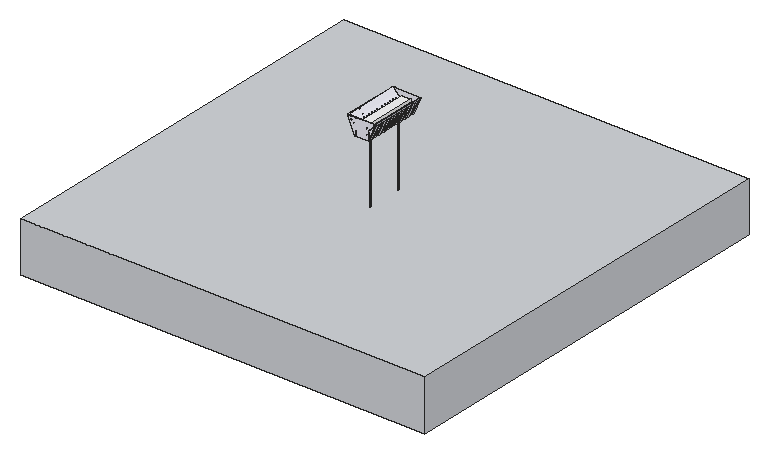
Revit family "Zumtobel CRAFT LED", category Lighting Fixtures, host Face, Revit 2014
Parameters (values of type "CRAFT S - NB")
  Width = 165.00 mm
  Wattage = 50.4908 W
  built-in parameter 1150110 = 1 (stored number, unit not read)
  Voltage = 230 V
  URL = "http://www.zumtobel.com/42183268"
  Type Comments = "© Zumtobel. We reserve the right to make technical changes without prior notice."  # constant formula
  built-in parameter 1114217 = 1 (stored number, unit not read)
  Tilt Angle = -90.00°
  built-in parameter 1150109 = 1 (stored number, unit not read)
  built-in parameter 1150134 = 12
  TECTON Adaptor [instance] = not(Suspension)  # no
  Suspension Value [instance] = if(TECTON Adaptor, 138.00 mm - 16.80 mm, Suspension Height)  # 500.00 mm
  Suspension Material [instance] = Zumtobel_Metal_Grey
  Suspension Length [instance] = if(Suspension, Suspension Height - 130.00 mm + 16.80 mm, 500.00 mm)  # 386.80 mm
  Suspension Height [instance] = 500.00 mm
  Suspension [instance] = yes
  built-in parameter 1150113 = 1 (stored number, unit not read)
  Photometric Web File = "D34746AA_CRAFT_LED7500-840_L330_PM_NB.IES"
  PST = no
  Model = "42183268"
  Manufacturer = "Zumtobel Lighting"  # constant formula
  built-in parameter 1150105 = 9747 (stored number, unit not read)
  Lumens = 7500 lm
  built-in parameter 1150115 = 1 (stored number, unit not read)
  built-in parameter 1150137 = (empty or 0)
  built-in parameter 1150139 = (empty or 0)
  Length = 339.00 mm
  built-in parameter 1150112 = 1 (stored number, unit not read)
  built-in parameter 1150114 = 1 (stored number, unit not read)
  Lamp = "LED"  # constant formula
  built-in parameter 1150132 = 2
  built-in parameter 1150102 = (empty or 0)
  built-in parameter 1150107 = 4000 (stored number, unit not read)
  built-in parameter 1150138 = (empty or 0)
  built-in parameter 1150106 = 97.47 (stored number, unit not read)
  Height = 159.00 mm
  FI Cover = no
  Emit from Rectangle Width = Width + 2.38 mm  # 167.38 mm
  Emit from Rectangle Length = Length  # 339.00 mm
  Emit Shape Visible in Rendering = no
  built-in parameter 1150104 = 13.8 (stored number, unit not read)
  Dimming Lamp Color Temperature Shift = <None>
  Description = "LED high-bay luminaire - small"
  Default Elevation = 0.00 mm
  Craft S = yes
  Craft M L = no
  Color Filter = 16777215
  Body [instance] = Zumtobel_Metal_White
  built-in parameter 1114218 = 1 (stored number, unit not read)
  built-in parameter 1150133 = 10 (stored number, unit not read)
  Assembly Code = "D5020200"
  Apparent Load = 65 VA
  Adaptor Length = 613.00 mm
  657 Length = no
  331 Length = no
Types (19, lengths in mm): name | Width | Wattage | URL | Photometric Web File | PST | Model | built-in parameter 1150105 | Lumens | Length | built-in parameter 1150106 | Height | FI Cover | Emit from Rectangle Width | Emit from Rectangle Length | Description | Craft S | Craft M L | Apparent Load | 657 Length | 331 Length
  CRAFT L - NB | 330.00 | 173.015 W | "http://www.zumtobel.com/42182795" | "D34747AA_CRAFT_LED26000-840_L660_PC_NB.IES" | no | "42182795" | 36789.6 (stored number, unit not read) | 25700 lm | 657.00 | 367.9 (stored number, unit not read) | 125.00 | no | 332.38 | 657.00 | "LED high-bay luminaire - large" | no | yes | 196 VA | yes | no
  CRAFT L - WB | 330.00 | 173.015 W | "http://www.zumtobel.com/42182668" | "D34498AA_CRAFT_LED26000-840_L660_PC_WB.IES" | no | "42182668" | 16180.7 (stored number, unit not read) | 25700 lm | 657.00 | 161.81 (stored number, unit not read) | 125.00 | no | 332.38 | 657.00 | "LED high-bay luminaire - large" | no | yes | 196 VA | yes | no
  CRAFT L TEC - WB | 330.00 | 173.015 W | "http://www.zumtobel.com/42183587" | "D34498AA_CRAFT_LED26000-840_L660_PC_WB.IES" | no | "42183587" | 16180.7 (stored number, unit not read) | 25700 lm | 657.00 | 161.81 (stored number, unit not read) | 125.00 | no | 332.38 | 657.00 | "LED high-bay luminaire - large" | no | yes | 196 VA | yes | no
  CRAFT L  FI - WB | 330.00 | 164.263 W | "http://www.zumtobel.com/42182495" | "D34498AA_CRAFT_FI_LED25000-840_L660_PC_WB.IES" | no | "42182495" | 15362.2 (stored number, unit not read) | 24400 lm | 657.00 | 153.62 (stored number, unit not read) | 125.00 | yes | 332.38 | 657.00 | "LED high-bay luminaire - large" | no | yes | 183.8 VA | yes | no
  CRAFT L  PST - NB | 330.00 | 173.015 W | "http://www.zumtobel.com/42183075" | "D34747AA_CRAFT_LED26000-840_L660_PC_NB.IES" | yes | "42183075" | 36789.6 (stored number, unit not read) | 25700 lm | 657.00 | 367.9 (stored number, unit not read) | 125.00 | yes | 332.38 | 657.00 | "LED high-bay luminaire - large" | no | yes | 196 VA | yes | no
  CRAFT L  PST - WB | 330.00 | 173.015 W | "http://www.zumtobel.com/42183033" | "D34498AA_CRAFT_LED26000-840_L660_PC_WB.IES" | yes | "42183033" | 16180.7 (stored number, unit not read) | 25700 lm | 657.00 | 161.81 (stored number, unit not read) | 125.00 | yes | 332.38 | 657.00 | "LED high-bay luminaire - large" | no | yes | 196 VA | yes | no
  CRAFT M  PST - WB | 331.00 | 86.5075 W | "http://www.zumtobel.com/42183031" | "D34498AA_CRAFT_LED13000-840_L330_PC_WB.IES" | yes | "42183031" | 8090.4 (stored number, unit not read) | 12850 lm | 331.00 | 80.904 (stored number, unit not read) | 170.00 | no | 333.38 | 331.00 | "LED high-bay luminaire - medium" | no | yes | 98 VA | no | yes
  CRAFT M  PST - NB | 331.00 | 86.5075 W | "http://www.zumtobel.com/42183073" | "D34747AA_CRAFT_LED13000-840_L330_PC_NB.IES" | yes | "42183073" | 18394.8 (stored number, unit not read) | 12850 lm | 331.00 | 183.95 (stored number, unit not read) | 170.00 | no | 333.38 | 331.00 | "LED high-bay luminaire - medium" | no | yes | 98 VA | no | yes
  CRAFT M FI - WB | 331.00 | 82.1317 W | "http://www.zumtobel.com/42182494" | "D34498AA_CRAFT_FI_LED13000-840_L330_PC_WB.IES" | no | "42182494" | 7681.1 (stored number, unit not read) | 12200 lm | 331.00 | 76.811 (stored number, unit not read) | 125.00 | yes | 333.38 | 331.00 | "LED high-bay luminaire - medium" | no | yes | 91.9 VA | no | yes
  CRAFT M TEC - WB | 331.00 | 86.5075 W | "http://www.zumtobel.com/42182667" | "D34498AA_CRAFT_LED13000-840_L330_PC_WB.IES" | no | "42182667" | 8090.4 (stored number, unit not read) | 12850 lm | 331.00 | 80.904 (stored number, unit not read) | 125.00 | no | 333.38 | 331.00 | "LED high-bay luminaire - medium" | no | yes | 98 VA | no | yes
  CRAFT M - WB | 331.00 | 86.5075 W | "http://www.zumtobel.com/42182667" | "D34498AA_CRAFT_LED13000-840_L330_PC_WB.IES" | no | "42182667" | 8090.4 (stored number, unit not read) | 12850 lm | 331.00 | 80.904 (stored number, unit not read) | 125.00 | no | 333.38 | 331.00 | "LED high-bay luminaire - medium" | no | yes | 98 VA | no | yes
  CRAFT M - NB | 331.00 | 86.5075 W | "http://www.zumtobel.com/42182793" | "D34747AA_CRAFT_LED13000-840_L330_PC_NB.IES" | no | "42182793" | 18394.8 (stored number, unit not read) | 12850 lm | 331.00 | 183.95 (stored number, unit not read) | 125.00 | no | 333.38 | 331.00 | "LED high-bay luminaire - medium" | no | yes | 98 VA | no | yes
  CRAFT S - NB | 165.00 | 50.4908 W | "http://www.zumtobel.com/42183268" | "D34746AA_CRAFT_LED7500-840_L330_PM_NB.IES" | no | "42183268" | 9747 (stored number, unit not read) | 7500 lm | 339.00 | 97.47 (stored number, unit not read) | 159.00 | no | 167.38 | 339.00 | "LED high-bay luminaire - small" | yes | no | 65 VA | no | no
  CRAFT L PST - WB | 330.00 | 173.015 W | "http://www.zumtobel.com/42183033" | "D34498AA_CRAFT_LED26000-840_L660_PC_WB.IES" | yes | "42183033" | 16180.7 (stored number, unit not read) | 25700 lm | 657.00 | 161.81 (stored number, unit not read) | 170.00 | yes | 332.38 | 657.00 | "LED high-bay luminaire - large" | no | yes | 196 VA | yes | no
  CRAFT L PST - NB | 330.00 | 173.015 W | "http://www.zumtobel.com/42183075" | "D34747AA_CRAFT_LED26000-840_L660_PC_NB.IES" | yes | "42183075" | 36789.6 (stored number, unit not read) | 25700 lm | 657.00 | 367.9 (stored number, unit not read) | 170.00 | yes | 332.38 | 657.00 | "LED high-bay luminaire - large" | no | yes | 196 VA | yes | no
  CRAFT L FI - WB | 330.00 | 164.263 W | "http://www.zumtobel.com/42182495" | "D34498AA_CRAFT_FI_LED25000-840_L660_PC_WB.IES" | no | "42182495" | 15362.2 (stored number, unit not read) | 24400 lm | 657.00 | 153.62 (stored number, unit not read) | 125.00 | yes | 332.38 | 657.00 | "LED high-bay luminaire - large" | no | yes | 183.8 VA | yes | no
  CRAFT S TEC - WB | 165.00 | 50.4908 W | "http://www.zumtobel.com/42183265" | "D34741AA_CRAFT_LED7500-840_L330_PM_WB.IES" | no | "42183265" | 9747 (stored number, unit not read) | 7500 lm | 339.00 | 97.47 (stored number, unit not read) | 159.00 | no | 167.38 | 339.00 | "LED high-bay luminaire - small" | yes | no | 65 VA | no | no
  CRAFT S TEC - NB | 165.00 | 50.4908 W | "http://www.zumtobel.com/42183271" | "D34746AA_CRAFT_LED7500-840_L330_PM_NB.IES" | no | "42183271" | 9747 (stored number, unit not read) | 7500 lm | 339.00 | 97.47 (stored number, unit not read) | 159.00 | no | 167.38 | 339.00 | "LED high-bay luminaire - small" | yes | no | 65 VA | no | no
  CRAFT S - WB | 165.00 | 50.4908 W | "http://www.zumtobel.com/42183262" | "D34741AA_CRAFT_LED7500-840_L330_PM_WB.IES" | no | "42183262" | 9747 (stored number, unit not read) | 7500 lm | 339.00 | 97.47 (stored number, unit not read) | 159.00 | no | 167.38 | 339.00 | "LED high-bay luminaire - small" | yes | no | 65 VA | no | no
Reference planes
  plane 1 "Center (Front/Back)": y = 0
  plane 2 "Top": z = 0
  plane 3 "Center (Left/Right)": x = 0
  plane 4 "Top Body": z = 400
  plane 5 "Bottom Body": z = 500
  plane 6 "Back": y = 169.5
  plane 7 "Left": x = -165
  plane 8 "Right": x = 165
  plane 9 "Front": y = -169.5
  plane 10: y = 167
  plane 11: y = -167
  plane 12 "Fitting 1": y = 104.5
  plane 13 "Fitting 2": y = -104.5
  plane 14 "Fitting": z = 460
  plane 15: z = 370
  plane 16: y = 151.25
  plane 17: y = -151.25
  plane 18: y = 311.25
  plane 19: y = -311.25
  plane 20: y = 301.25
  plane 21: y = -301.25
  plane 22: y = 117
  plane 23: y = 92
  plane 24: y = -92
  plane 25: y = -117
  plane 26: y = 141.25
  plane 27: y = -141.25
  plane 28: z = 386.8
  plane 29: z = 366.8
  plane 30: y = 306.5
  plane 31: y = -306.5
  plane 32 "Connector": y = 137
  plane 33: x = -82.5
  plane 34: x = -51.006
  plane 35: x = -38.608
  plane 36: x = 51.006
  plane 37: x = 38.608
  plane 38 "PST Top": z = 425.027
  plane 39 "PST Bottom": z = 465.315
  plane 40 "PST Front": y = -258
  plane 41 "PST Axis": y = -233.5
Forms (mm)
  Extrusion 1, solid
    sketch origin (0, 0, 0) x (1, 0, 0) y (0, 1, 0)
      loop
        line (-1219.2, 1219.2) -> (-1219.2, -1219.2) -> (1219.2, -1219.2) -> (1219.2, 1219.2) -> (-1219.2, 1219.2)
    from 0 to -304.8
  Extrusion 2, solid, material "Zumtobel_Metal_White" <- "Body", visible <- "Craft M L", detail levels medium+fine
    sketch origin (0, -169.5, 0) x (-1, 0, 0) y (0, 0, -1)
      loop
        line (166.187, -500) -> (123.583, -400) -> (-123.583, -400) -> (-166.187, -500) -> (166.187, -500)
    from 0 to -2.5
  Extrusion 3, solid, material "Zumtobel_Metal_White" <- "Body", visible <- "Craft M L", detail levels medium+fine
    sketch origin (0, 169.5, 0) x (-1, 0, 0) y (0, 0, 1)
      loop
        line (166.187, 500) -> (-166.187, 500) -> (-123.583, 400) -> (123.583, 400) -> (166.187, 500)
    from 0 to -2.5
  Sweep 4, solid, material "Zumtobel_Metal_White" <- "Body", visible <- "Craft M L", detail levels medium+fine
    path origin (0, 0, 400) x (-1, 0, 0) y (0, -1, 0)
      loop
        line (0, 167) -> (0, -167)
    profile "Profile CRAFT Interior : Profile CRAFT Interior" origin (0, 0, 400) x (-1, 0, 0) y (0, 0, 1)
      loop
        line (35, 42.5) -> (35, 62.631) -> (0, 95.12) -> (-35, 62.631) -> (-35, 42.5) -> (-50.115, 42.5) -> (-50.115, 57.011) -> (-110.871, 57.011) -> (-110.871, 62.837) -> (-121.72, 62.837) -> (-121.72, 60.193)
        arc (-121.72, 60.193) -> (-142.928, 78.943) -> (-161.848, 100) r 246.678
        line (-161.848, 100) -> (-166.187, 100)
        arc (-166.187, 100) -> (-148.071, 79.294) -> (-127.79, 60.703) r 250.082
        arc (-127.79, 60.703) -> (-124.688, 56.73) -> (-123.583, 51.812) r 11.5
        line (-123.583, 51.812) -> (-123.583, 0) -> (-120.85, 0) -> (-120.85, 37.095) -> (-110.871, 37.095) -> (-110.871, 28.477) -> (-77.383, 1.068) -> (-50.115, 22.372) -> (-50.115, 24.398) -> (-37.451, 24.398) -> (0, 0.996) -> (37.451, 24.398) -> (50.115, 24.398) -> (50.115, 22.372) -> (77.383, 1.068) -> (110.871, 28.477) -> (110.871, 37.095) -> (120.85, 37.095) -> (120.85, 0) -> (123.583, 0) -> (123.583, 51.812)
        arc (123.583, 51.812) -> (124.688, 56.73) -> (127.79, 60.703) r 11.5
        arc (127.79, 60.703) -> (148.071, 79.294) -> (166.187, 100) r 250.082
        line (166.187, 100) -> (161.848, 100)
        arc (161.848, 100) -> (142.928, 78.943) -> (121.72, 60.193) r 246.678
        line (121.72, 60.193) -> (121.72, 62.837) -> (110.871, 62.837) -> (110.871, 57.011) -> (50.115, 57.011) -> (50.115, 42.5) -> (35, 42.5)
  Sweep 5, solid, material "Zumtobel_Metal_Grey" <- "Suspension Material", visible <- "Craft M L", detail levels medium+fine
    path origin (0, 0, 460) x (-1, 0, 0) y (0, -1, 0)
      loop
        line (0, -92) -> (0, -117)
    profile "Profile CRAFT Fitting : Profile CRAFT Fitting" origin (0, 104.5, 460) x (-1, 0, 0) y (0, 0, 1)
      loop
        line (54.43, -73.205) -> (74.671, -56.814) -> (73.095, -55.582) -> (53.548, -71.213) -> (0, -71.213) -> (-53.548, -71.213) -> (-73.095, -55.582) -> (-74.671, -56.814) -> (-54.43, -73.205) -> (0, -73.205) -> (54.43, -73.205)
  Sweep 6, solid, material "Zumtobel_Metal_Grey" <- "Suspension Material", visible <- "Craft M L", detail levels medium+fine
    path origin (-0.215, 0, 460) x (-1, 0, 0) y (0, 1, 0)
      loop
        line (-0.215, -92) -> (-0.215, -117)
    profile "Profile CRAFT Fitting : Profile CRAFT Fitting" origin (0, -104.5, 460) x (1, 0, 0) y (0, 0, 1)
      loop
        line (-54.43, -73.205) -> (0, -73.205) -> (54.43, -73.205) -> (74.671, -56.814) -> (73.095, -55.582) -> (53.548, -71.213) -> (0, -71.213) -> (-53.548, -71.213) -> (-73.095, -55.582) -> (-74.671, -56.814) -> (-54.43, -73.205)
  Sweep 7, solid, material "Zumtobel_Metal_White" <- "Body", visible <- "Craft M L", detail levels fine
    path origin (0, 0, 460) x (-1, 0, 0) y (0, -1, 0)
      loop
        line (0, 151.25) -> (0, -151.25)
    profile "Profile CRAFT Rib 1 : Profile CRAFT Rib 1" origin (0, 0, 460) x (-1, 0, 0) y (0, 0, 1)
      loop
        line (14.377, -50.02) -> (65.976, -50.02) -> (50.115, -37.628) -> (50.115, -35.602) -> (37.451, -35.602) -> (14.377, -50.02)
      loop
        line (-50.115, -35.602) -> (-50.115, -37.628) -> (-65.976, -50.02) -> (-14.377, -50.02) -> (-37.451, -35.602) -> (-50.115, -35.602)
      loop
        arc (166.187, 40) -> (148.071, 19.294) -> (127.79, 0.703) r 250.082
        arc (127.79, 0.703) -> (124.688, -3.27) -> (123.583, -8.188) r 11.5
        line (123.583, -8.188) -> (123.583, -60) -> (166.187, 40)
      loop
        line (-166.187, 40) -> (-123.583, -60) -> (-123.583, -8.188)
        arc (-123.583, -8.188) -> (-124.688, -3.27) -> (-127.79, 0.703) r 11.5
        arc (-127.79, 0.703) -> (-148.071, 19.294) -> (-166.187, 40) r 250.082
  Sweep 8, solid, material "Zumtobel_Metal_White" <- "Body", visible <- "657 Length", detail levels fine
    path origin (0, 0, 460) x (-1, 0, 0) y (0, -1, 0)
      loop
        line (0, 311.25) -> (0, -311.25)
    profile "Profile CRAFT Rib 1 : Profile CRAFT Rib 1" origin (0, 0, 460) x (-1, 0, 0) y (0, 0, 1)
      loop
        line (14.377, -50.02) -> (65.976, -50.02) -> (50.115, -37.628) -> (50.115, -35.602) -> (37.451, -35.602) -> (14.377, -50.02)
      loop
        line (-50.115, -35.602) -> (-50.115, -37.628) -> (-65.976, -50.02) -> (-14.377, -50.02) -> (-37.451, -35.602) -> (-50.115, -35.602)
      loop
        arc (166.187, 40) -> (148.071, 19.294) -> (127.79, 0.703) r 250.082
        arc (127.79, 0.703) -> (124.688, -3.27) -> (123.583, -8.188) r 11.5
        line (123.583, -8.188) -> (123.583, -60) -> (166.187, 40)
      loop
        line (-166.187, 40) -> (-123.583, -60) -> (-123.583, -8.188)
        arc (-123.583, -8.188) -> (-124.688, -3.27) -> (-127.79, 0.703) r 11.5
        arc (-127.79, 0.703) -> (-148.071, 19.294) -> (-166.187, 40) r 250.082
  Sweep 9, void
    path origin (0, 0, 400) x (-1, 0, 0) y (0, -1, 0)
      loop
        line (1000, 0) -> (-1000, 0)
    profile "Profile CRAFT Rib 1 Void : Profile CRAFT Rib 1 Void" origin (0, 0, 400) x (0, 1, 0) y (0, 0, 1)
      loop
        line (151.25, 100) -> (151.25, 0) -> (168.75, 0) -> (168.75, 100) -> (151.25, 100)
      loop
        line (171.25, 100) -> (171.25, 0) -> (188.75, 0) -> (188.75, 100) -> (171.25, 100)
      loop
        line (191.25, 100) -> (191.25, 0) -> (208.75, 0) -> (208.75, 100) -> (191.25, 100)
      loop
        line (211.25, 100) -> (211.25, 0) -> (228.75, 0) -> (228.75, 100) -> (211.25, 100)
      loop
        line (231.25, 100) -> (231.25, 0) -> (248.75, 0) -> (248.75, 100) -> (231.25, 100)
      loop
        line (251.25, 100) -> (251.25, 0) -> (268.75, 0) -> (268.75, 100) -> (251.25, 100)
      loop
        line (271.25, 100) -> (271.25, 0) -> (288.75, 0) -> (288.75, 100) -> (271.25, 100)
      loop
        line (291.25, 100) -> (291.25, 0) -> (308.75, 0) -> (308.75, 100) -> (291.25, 100)
      loop
        line (-151.25, 100) -> (-168.75, 100) -> (-168.75, 0) -> (-151.25, 0) -> (-151.25, 100)
      loop
        line (-171.25, 100) -> (-188.75, 100) -> (-188.75, 0) -> (-171.25, 0) -> (-171.25, 100)
      loop
        line (-191.25, 100) -> (-208.75, 100) -> (-208.75, 0) -> (-191.25, 0) -> (-191.25, 100)
      loop
        line (-211.25, 100) -> (-228.75, 100) -> (-228.75, 0) -> (-211.25, 0) -> (-211.25, 100)
      loop
        line (-231.25, 100) -> (-248.75, 100) -> (-248.75, 0) -> (-231.25, 0) -> (-231.25, 100)
      loop
        line (-251.25, 100) -> (-268.75, 100) -> (-268.75, 0) -> (-251.25, 0) -> (-251.25, 100)
      loop
        line (-271.25, 100) -> (-288.75, 100) -> (-288.75, 0) -> (-271.25, 0) -> (-271.25, 100)
      loop
        line (-291.25, 100) -> (-308.75, 100) -> (-308.75, 0) -> (-291.25, 0) -> (-291.25, 100)
      loop
        line (148.75, 100) -> (131.25, 100) -> (131.25, 0) -> (148.75, 0) -> (148.75, 100)
      loop
        line (128.75, 100) -> (111.25, 100) -> (111.25, 0) -> (128.75, 0) -> (128.75, 100)
      loop
        line (108.75, 100) -> (91.25, 100) -> (91.25, 0) -> (108.75, 0) -> (108.75, 100)
      loop
        line (88.75, 100) -> (71.25, 100) -> (71.25, 0) -> (88.75, 0) -> (88.75, 100)
      loop
        line (68.75, 100) -> (51.25, 100) -> (51.25, 0) -> (68.75, 0) -> (68.75, 100)
      loop
        line (48.75, 100) -> (31.25, 100) -> (31.25, 0) -> (48.75, 0) -> (48.75, 100)
      loop
        line (-148.75, 100) -> (-148.75, 0) -> (-131.25, 0) -> (-131.25, 100) -> (-148.75, 100)
      loop
        line (-128.75, 100) -> (-128.75, 0) -> (-111.25, 0) -> (-111.25, 100) -> (-128.75, 100)
      loop
        line (-108.75, 100) -> (-108.75, 0) -> (-91.25, 0) -> (-91.25, 100) -> (-108.75, 100)
      loop
        line (-88.75, 100) -> (-88.75, 0) -> (-71.25, 0) -> (-71.25, 100) -> (-88.75, 100)
      loop
        line (-68.75, 100) -> (-68.75, 0) -> (-51.25, 0) -> (-51.25, 100) -> (-68.75, 100)
      loop
        line (-48.75, 100) -> (-48.75, 0) -> (-31.25, 0) -> (-31.25, 100) -> (-48.75, 100)
      loop
        line (-28.75, 100) -> (-28.75, 0) -> (-11.25, 0) -> (-11.25, 100) -> (-28.75, 100)
      loop
        line (-8.75, 100) -> (-8.75, 0) -> (8.75, 0) -> (8.75, 100) -> (-8.75, 100)
      loop
        line (11.25, 100) -> (11.25, 0) -> (28.75, 0) -> (28.75, 100) -> (11.25, 100)
  Sweep 10, solid, material "Zumtobel_Metal_White" <- "Body", visible <- "657 Length", detail levels fine
    path origin (0, 0, 460) x (-1, 0, 0) y (0, -1, 0)
      loop
        line (0, -301.25) -> (0, 301.25)
    profile "Profile CRAFT Rib 2 : Profile CRAFT Rib 2" origin (0, 0, 460) x (1, 0, 0) y (0, 0, 1)
      loop
        line (-121.72, 0.193) -> (-121.72, 2.837) -> (-118.722, 2.837) -> (-129.876, 6.897)
        arc (-129.876, 6.897) -> (-125.834, 3.501) -> (-121.72, 0.193) r 246.678
      loop
        arc (121.72, 0.193) -> (125.834, 3.501) -> (129.876, 6.897) r 246.678
        line (129.876, 6.897) -> (118.722, 2.837) -> (121.72, 2.837) -> (121.72, 0.193)
  Sweep 11, void
    path origin (0, 0, 400) x (-1, 0, 0) y (0, -1, 0)
      loop
        line (1000, 0) -> (-1000, 0)
    profile "Profile CRAFT Rib 2 Void : Profile CRAFT Rib 2 Void" origin (0, 0, 400) x (0, 1, 0) y (0, 0, 1)
      loop
        line (281.25, 100) -> (281.25, 0) -> (298.75, 0) -> (298.75, 100) -> (281.25, 100)
      loop
        line (-281.25, 100) -> (-298.75, 100) -> (-298.75, 0) -> (-281.25, 0) -> (-281.25, 100)
      loop
        line (141.25, 100) -> (141.25, 0) -> (158.75, 0) -> (158.75, 100) -> (141.25, 100)
      loop
        line (161.25, 100) -> (161.25, 0) -> (178.75, 0) -> (178.75, 100) -> (161.25, 100)
      loop
        line (181.25, 100) -> (181.25, 0) -> (198.75, 0) -> (198.75, 100) -> (181.25, 100)
      loop
        line (201.25, 100) -> (201.25, 0) -> (218.75, 0) -> (218.75, 100) -> (201.25, 100)
      loop
        line (221.25, 100) -> (221.25, 0) -> (238.75, 0) -> (238.75, 100) -> (221.25, 100)
      loop
        line (241.25, 100) -> (241.25, 0) -> (258.75, 0) -> (258.75, 100) -> (241.25, 100)
      loop
        line (261.25, 100) -> (261.25, 0) -> (278.75, 0) -> (278.75, 100) -> (261.25, 100)
      loop
        line (-161.25, 100) -> (-178.75, 100) -> (-178.75, 0) -> (-161.25, 0) -> (-161.25, 100)
      loop
        line (-181.25, 100) -> (-198.75, 100) -> (-198.75, 0) -> (-181.25, 0) -> (-181.25, 100)
      loop
        line (-201.25, 100) -> (-218.75, 100) -> (-218.75, 0) -> (-201.25, 0) -> (-201.25, 100)
      loop
        line (-221.25, 100) -> (-238.75, 100) -> (-238.75, 0) -> (-221.25, 0) -> (-221.25, 100)
      loop
        line (-241.25, 100) -> (-258.75, 100) -> (-258.75, 0) -> (-241.25, 0) -> (-241.25, 100)
      loop
        line (-261.25, 100) -> (-278.75, 100) -> (-278.75, 0) -> (-261.25, 0) -> (-261.25, 100)
      loop
        line (138.75, 100) -> (121.25, 100) -> (121.25, 0) -> (138.75, 0) -> (138.75, 100)
      loop
        line (118.75, 100) -> (101.25, 100) -> (101.25, 0) -> (118.75, 0) -> (118.75, 100)
      loop
        line (98.75, 100) -> (81.25, 100) -> (81.25, 0) -> (98.75, 0) -> (98.75, 100)
      loop
        line (78.75, 100) -> (61.25, 100) -> (61.25, 0) -> (78.75, 0) -> (78.75, 100)
      loop
        line (58.75, 100) -> (41.25, 100) -> (41.25, 0) -> (58.75, 0) -> (58.75, 100)
      loop
        line (38.75, 100) -> (21.25, 100) -> (21.25, 0) -> (38.75, 0) -> (38.75, 100)
      loop
        line (-158.75, 100) -> (-158.75, 0) -> (-141.25, 0) -> (-141.25, 100) -> (-158.75, 100)
      loop
        line (-138.75, 100) -> (-138.75, 0) -> (-121.25, 0) -> (-121.25, 100) -> (-138.75, 100)
      loop
        line (-118.75, 100) -> (-118.75, 0) -> (-101.25, 0) -> (-101.25, 100) -> (-118.75, 100)
      loop
        line (-98.75, 100) -> (-98.75, 0) -> (-81.25, 0) -> (-81.25, 100) -> (-98.75, 100)
      loop
        line (-78.75, 100) -> (-78.75, 0) -> (-61.25, 0) -> (-61.25, 100) -> (-78.75, 100)
      loop
        line (-58.75, 100) -> (-58.75, 0) -> (-41.25, 0) -> (-41.25, 100) -> (-58.75, 100)
      loop
        line (-38.75, 100) -> (-38.75, 0) -> (-21.25, 0) -> (-21.25, 100) -> (-38.75, 100)
      loop
        line (-18.75, 100) -> (-18.75, 0) -> (-1.25, 0) -> (-1.25, 100) -> (-18.75, 100)
      loop
        line (1.25, 100) -> (1.25, 0) -> (18.75, 0) -> (18.75, 100) -> (1.25, 100)
  Sweep 12, solid, material "Zumtobel_Metal_White" <- "Body", visible <- "331 Length", detail levels fine
    path origin (0, -166.168, 460) x (-1, 0, 0) y (0, -1, 0)
      loop
        line (0, -307.418) -> (0, -24.918)
    profile "Profile CRAFT Rib 2 : Profile CRAFT Rib 2" origin (0, 0, 460) x (1, 0, 0) y (0, 0, 1)
      loop
        line (-121.72, 0.193) -> (-121.72, 2.837) -> (-118.722, 2.837) -> (-129.876, 6.897)
        arc (-129.876, 6.897) -> (-125.834, 3.501) -> (-121.72, 0.193) r 246.678
      loop
        arc (121.72, 0.193) -> (125.834, 3.501) -> (129.876, 6.897) r 246.678
        line (129.876, 6.897) -> (118.722, 2.837) -> (121.72, 2.837) -> (121.72, 0.193)
  Extrusion 13, solid, material "Zumtobel_Metal_Grey" <- "Suspension Material", visible <- "Suspension", detail levels medium+fine
    sketch origin (0, 0, 400) x (-1, 0, 0) y (0, -1, 0)
      loop
        circle (0, -104.5) r 5
      loop
        circle (0, 104.5) r 5
    from -13.2 to -33.2
  Extrusion 14, solid, material "Zumtobel_Metal_Grey" <- "Suspension Material", visible <- "Suspension", detail levels medium+fine
    sketch origin (0, 0, 350) x (-1, 0, 0) y (0, -1, 0)
      loop
        circle (0, 104.5) r 1.5
      loop
        circle (0, -104.5) r 1.5
    from 16.8 to -350
  Extrusion 15, solid, material "Zumtobel_Metal_White" <- "Body", visible <- "TECTON Adaptor", detail levels medium+fine
    sketch origin (0, 0, 0) x (1, 0, 0) y (0, 0, 1)
      loop
        line (-29.945, 8) -> (-29.945, -3.072) -> (-27.07, -3.072) -> (-27.07, -6.078) -> (-21.755, -6.078) -> (-21.755, 0) -> (21.865, 0) -> (21.865, -6.078) -> (27.18, -6.078) -> (27.18, -3.072) -> (30.055, -3.072) -> (30.055, 8) -> (-29.945, 8)
    from -306.5 to 306.5
  Extrusion 16, solid, material "Zumtobel_PMMA_White", visible <- "Craft M L", detail levels medium+fine
    sketch origin (0, 0, 460) x (-1, 0, 0) y (0, -1, 0)
      loop
        line (107.749, -167) -> (107.749, 167) -> (51.006, 167) -> (51.006, -167) -> (107.749, -167)
      loop
        line (-51.006, 167) -> (-108.448, 167) -> (-108.448, -167) -> (-51.006, -167) -> (-51.006, 167)
    from 0 to 14
  Extrusion 17, solid, material "Zumtobel_PMMA_White", visible <- "Craft M L", detail levels medium+fine
    sketch origin (11.474, 0, 460) x (-1, 0, 0) y (0, -1, 0)
      loop
        line (131.622, -167) -> (131.622, 167) -> (119.223, 167) -> (119.223, -167) -> (131.622, -167)
      loop
        line (62.481, 167) -> (50.082, 167) -> (50.082, -167) -> (62.481, -167) -> (62.481, 167)
      loop
        line (-110.245, -167) -> (-96.974, -167) -> (-96.974, 167) -> (-110.245, 167) -> (-110.245, -167)
      loop
        line (-39.532, 167) -> (-39.532, -167) -> (-27.133, -167) -> (-27.133, 167) -> (-39.532, 167)
    from 2.837 to 7.816
  Extrusion 18, solid, material "Zumtobel_FI_Cover Transparent", visible <- "FI Cover", detail levels medium+fine
    sketch origin (0, 0, 460) x (-1, 0, 0) y (0, -1, 0)
      loop
        line (137.799, -167) -> (137.799, 167) -> (22.753, 167) -> (22.753, -167) -> (137.799, -167)
      loop
        line (-22.753, 167) -> (-137.799, 167) -> (-137.799, -167) -> (-22.753, -167) -> (-22.753, 167)
    from 16.5 to 14
  Extrusion 19, solid, material "Zumtobel_Metal_White" <- "Body", visible <- "PST", detail levels medium+fine
    sketch origin (-415.805, -169.5, 0) x (-1, 0, 0) y (0, 0, -1)
      loop
        line (-351.064, -465.315) -> (-371.074, -425.027) -> (-460.536, -425.027) -> (-481.064, -465.315) -> (-351.064, -465.315)
    from 0 to 88.5
  Revolve 20, solid, material "Zumtobel_Metal_White" <- "Body", visible <- "PST", detail levels medium+fine
    sketch origin (0, -233.5, 0) x (1, 0, 0) y (0, 0, 1)
      loop
        line (0, 465.315) -> (0, 545.055)
        arc (0, 545.055) -> (-24.788, 536.726) -> (-39.518, 515.118) r 41.051
        line (-39.518, 515.118) -> (-41.597, 515.118)
        arc (-41.597, 515.118) -> (-47.796, 498.805) -> (-51.991, 481.865) r 145.077
        line (-51.991, 481.865) -> (-54, 481.865) -> (-54, 467.315) -> (-59, 467.315) -> (-59, 465.315) -> (0, 465.315)
      axis (0, 545.055) -> (0, 465.315)
    angle from 0 to 360
  Sweep 21, solid, material "Zumtobel_Metal_White" <- "Body", visible <- "Craft S", detail levels medium+fine
    path origin (0, 0, 400) x (-1, 0, 0) y (0, -1, 0)
      loop
        line (0, 167) -> (0, -167)
    profile "Profile CRAFT S Interior : Profile CRAFT S Interior" origin (0, 0, 400) x (-1, 0, 0) y (0, 0, 1)
      loop
        line (-28.374, 28.477) -> (0, 5.253) -> (28.374, 28.477) -> (28.374, 37.095) -> (38.353, 37.095) -> (38.353, 0) -> (41.085, 0) -> (41.085, 51.812)
        arc (41.085, 51.812) -> (42.19, 56.73) -> (45.293, 60.703) r 11.5
        arc (45.293, 60.703) -> (65.574, 79.294) -> (83.69, 100) r 250.082
        line (83.69, 100) -> (79.351, 100)
        arc (79.351, 100) -> (60.43, 78.943) -> (39.222, 60.193) r 246.678
        line (39.222, 60.193) -> (39.222, 62.837) -> (28.374, 62.837) -> (28.374, 57.011) -> (-28.374, 57.011) -> (-28.374, 62.837) -> (-39.222, 62.837) -> (-39.222, 60.193)
        arc (-39.222, 60.193) -> (-60.43, 78.943) -> (-79.351, 100) r 246.678
        line (-79.351, 100) -> (-83.69, 100)
        arc (-83.69, 100) -> (-65.574, 79.294) -> (-45.293, 60.703) r 250.082
        arc (-45.293, 60.703) -> (-42.19, 56.73) -> (-41.085, 51.812) r 11.5
        line (-41.085, 51.812) -> (-41.085, 0) -> (-38.353, 0) -> (-38.353, 37.095) -> (-28.374, 37.095) -> (-28.374, 28.477)
  Extrusion 22, solid, material "Zumtobel_Metal_White" <- "Body", visible <- "Craft S", detail levels medium+fine
    sketch origin (0, -169.5, 0) x (-1, 0, 0) y (0, 0, -1)
      loop
        line (83.69, -500) -> (41.085, -400) -> (-41.085, -400) -> (-83.69, -500) -> (83.69, -500)
    from 0 to -2.5
  Extrusion 23, solid, material "Zumtobel_Metal_White" <- "Body", visible <- "Craft S", detail levels medium+fine
    sketch origin (0, 169.5, 0) x (-1, 0, 0) y (0, 0, 1)
      loop
        line (83.69, 500) -> (-83.69, 500) -> (-41.085, 400) -> (41.085, 400) -> (83.69, 500)
    from 0 to -2.5
  Sweep 24, solid, material "Zumtobel_Metal_White" <- "Body", visible <- "Craft S", detail levels fine
    path origin (0, 0, 460) x (-1, 0, 0) y (0, -1, 0)
      loop
        line (0, 151.25) -> (0, -151.25)
    profile "Profile CRAFT S Rib 1 : Profile CRAFT S Rib 1" origin (0, 0, 460) x (-1, 0, 0) y (0, 0, 1)
      loop
        arc (83.687, 40) -> (65.571, 19.294) -> (45.29, 0.703) r 250.082
        arc (45.29, 0.703) -> (42.188, -3.27) -> (41.083, -8.188) r 11.5
        line (41.083, -8.188) -> (41.083, -60) -> (83.687, 40)
      loop
        line (-83.687, 40) -> (-41.083, -60) -> (-41.083, -8.188)
        arc (-41.083, -8.188) -> (-42.188, -3.27) -> (-45.29, 0.703) r 11.5
        arc (-45.29, 0.703) -> (-65.571, 19.294) -> (-83.687, 40) r 250.082
  Extrusion 25, solid, material "Zumtobel_PMMA_White", visible <- "Craft S", detail levels medium+fine
    sketch origin (0, 0, 460) x (-1, 0, 0) y (0, -1, 0)
      loop
        line (28.374, 167) -> (-28.374, 167) -> (-28.374, -167) -> (28.374, -167) -> (28.374, 167)
    from 0 to 14
  Sweep 26, solid, material "Zumtobel_Metal_White" <- "Body", visible <- "Craft S", detail levels fine
    path origin (0, -166.168, 460) x (-1, 0, 0) y (0, -1, 0)
      loop
        line (0, -307.418) -> (0, -24.918)
    profile "Profile CRAFT S Rib 2 : Profile CRAFT S Rib 2" origin (0, 0, 460) x (1, 0, 0) y (0, 0, 1)
      loop
        line (-39.22, 0.193) -> (-39.22, 2.837) -> (-36.222, 2.837) -> (-47.376, 6.897)
        arc (-47.376, 6.897) -> (-43.334, 3.501) -> (-39.22, 0.193) r 246.678
      loop
        arc (39.22, 0.193) -> (43.334, 3.501) -> (47.376, 6.897) r 246.678
        line (47.376, 6.897) -> (36.222, 2.837) -> (39.22, 2.837) -> (39.22, 0.193)
  Sweep 27, solid, material "Zumtobel_Metal_Grey" <- "Suspension Material", visible <- "Craft S", detail levels medium+fine
    path origin (-0.215, 0, 460) x (-1, 0, 0) y (0, 1, 0)
      loop
        line (-0.215, -92) -> (-0.215, -117)
    profile "Profile CRAFT S Fitting : Profile CRAFT S Fitting" origin (0, -104.5, 460) x (1, 0, 0) y (0, 0, 1)
      loop
        line (-13.18, -73.205) -> (13.18, -73.205) -> (38.351, -52.821) -> (38.351, -50.38) -> (12.298, -71.213) -> (-12.298, -71.213) -> (-38.351, -50.38) -> (-38.351, -52.821) -> (-13.18, -73.205)
  Sweep 28, solid, material "Zumtobel_Metal_Grey" <- "Suspension Material", visible <- "Craft S", detail levels medium+fine
    path origin (0, 0, 460) x (-1, 0, 0) y (0, -1, 0)
      loop
        line (0, -92) -> (0, -117)
    profile "Profile CRAFT S Fitting : Profile CRAFT S Fitting" origin (0, 104.5, 460) x (-1, 0, 0) y (0, 0, 1)
      loop
        line (13.18, -73.205) -> (38.351, -52.821) -> (38.351, -50.38) -> (12.298, -71.213) -> (-12.298, -71.213) -> (-38.351, -50.38) -> (-38.351, -52.821) -> (-13.18, -73.205) -> (13.18, -73.205)
Cuts and joins
  Sweep 9 cuts Sweep 7
  Sweep 9 cuts Sweep 8
  Sweep 11 cuts Sweep 10
  Sweep 11 cuts Sweep 12
  joined: Extrusion 16, Extrusion 17
  Sweep 9 cuts Sweep 24
  Sweep 11 cuts Sweep 26
Lines and regions (mm)
  symbolic lines, style "Zumtobel Lighting", visible <- "Craft M L", detail levels coarse
    curve 1: line (-165, -306.5, 460) -> (165, -306.5, 460)
    curve 2: line (-165, 169.5, 460) -> (165, 169.5, 460)
    curve 3: line (-82.5, 169.5, 460) -> (-82.5, -306.5, 460)
    curve 4: line (82.5, 169.5, 460) -> (82.5, -306.5, 460)
  symbolic lines, style "Zumtobel Lighting", visible <- "Craft S", detail levels coarse
    curve 5: line (-82.5, -306.5, 460) -> (82.5, -306.5, 460)
    curve 6: line (-82.5, 169.5, 460) -> (82.5, 169.5, 460)
    curve 7: line (0, 169.5, 460) -> (0, -306.5, 460)
Dimensions and locks
  plane 5 "Bottom Body" to plane 4 "Top Body" to plane 15 = 100.00 mm locked, 30.00 mm locked
  plane 7 "Left" to plane 3 "Center (Left/Right)" to plane 8 "Right" = 165.00 mm locked, 165.00 mm locked
  equal spacing: plane 9 "Front", plane 1 "Center (Front/Back)", plane 6 "Back"
  "Length": plane 9 "Front" to plane 6 "Back"
  locked: plane 6 "Back" to plane 10 at 2.5
  locked: plane 9 "Front" to plane 11 at 2.5
  locked: plane 10 to plane 12 "Fitting 1" at 62.5
  locked: plane 9 "Front" to plane 13 "Fitting 2" at 65
  locked: plane 5 "Bottom Body" to plane 14 "Fitting" at 40
  "Suspension Value": plane 5 "Bottom Body" to plane 2 "Top"
  plane 17 to plane 1 "Center (Front/Back)" to plane 16 = 151.25 mm locked, 151.25 mm locked
  plane 19 to plane 1 "Center (Front/Back)" to plane 18 = 311.25 mm locked, 311.25 mm locked
  plane 20 to plane 1 "Center (Front/Back)" to plane 21 = 301.25 mm locked, 301.25 mm locked
  plane 22 to plane 12 "Fitting 1" to plane 23 = 12.50 mm locked, 12.50 mm locked
  plane 25 to plane 13 "Fitting 2" to plane 24 = 12.50 mm locked, 12.50 mm locked
  plane 27 to plane 1 "Center (Front/Back)" to plane 26 = 141.25 mm locked, 141.25 mm locked
  "Suspension Length": plane 28 to plane 2 "Top"
  locked: plane 28 to plane 29 at 20
  equal spacing: plane 30, plane 1 "Center (Front/Back)", plane 31
  "Adaptor Length": plane 31 to plane 30
  locked: plane 6 "Back" to plane 32 "Connector" at 32.5
  locked: connector elem to plane 32 "Connector"
  plane 39 "PST Bottom" to plane 38 "PST Top" to plane 4 "Top Body" = 40.288 mm locked, 25.027 mm locked
  plane 40 "PST Front" to plane 41 "PST Axis" to plane 9 "Front" = 24.50 mm locked, 64.00 mm locked
  aligned and locked: plane 2 "Top" to Extrusion 1
  aligned and locked: level to Extrusion 1
  aligned and locked: Extrusion 2 sketch curve to plane 5 "Bottom Body"
  aligned and locked: Extrusion 2 sketch curve to plane 4 "Top Body"
  aligned and locked: Extrusion 2 to plane 11
  aligned and locked: Extrusion 3 to plane 10
  aligned and locked: plane 5 "Bottom Body" to Extrusion 3 sketch curve
  aligned and locked: plane 4 "Top Body" to Extrusion 3 sketch curve
  aligned and locked: plane 3 "Center (Left/Right)" to Sweep 4 sketch curve
  aligned and locked: plane 17 to Sweep 7 sketch curve
  aligned and locked: plane 16 to Sweep 7 sketch curve
  aligned and locked: plane 10 to Sweep 4 sketch curve
  aligned and locked: plane 11 to Sweep 4 sketch curve
  aligned and locked: plane 1 "Center (Front/Back)" to Sweep 9 sketch curve
  aligned and locked: plane 19 to Sweep 8 sketch curve
  aligned and locked: plane 18 to Sweep 8 sketch curve
  aligned and locked: plane 24 to Sweep 6 sketch curve
  aligned and locked: plane 25 to Sweep 6 sketch curve
  aligned and locked: plane 22 to Sweep 5 sketch curve
  aligned and locked: plane 23 to Sweep 5 sketch curve
  aligned and locked: plane 26 to Sweep 12 sketch curve
  aligned and locked: plane 27 to Sweep 12 sketch curve
  aligned and locked: Extrusion 15 sketch curve to plane 2 "Top"
  aligned and locked: Extrusion 14 to plane 2 "Top"
  aligned and locked: plane 29 to Extrusion 14
  aligned and locked: Extrusion 13 to plane 29
  aligned and locked: Extrusion 13 to plane 28
  aligned and locked: plane 30 to Extrusion 15
  aligned and locked: plane 31 to Extrusion 15
  aligned and locked: plane 5 "Bottom Body" to imposter light
  aligned and locked: Extrusion 16 sketch curve to plane 10
  aligned and locked: plane 10 to Extrusion 16 sketch curve
  aligned and locked: Extrusion 16 sketch curve to plane 11
  aligned and locked: plane 11 to Extrusion 16 sketch curve
  aligned and locked: curve 2 to plane 6 "Back"
  aligned and locked: plane 31 to curve 1
  aligned and locked: Extrusion 18 sketch curve to plane 10
  aligned and locked: plane 10 to Extrusion 18 sketch curve
  aligned and locked: Extrusion 18 sketch curve to plane 11
  aligned and locked: plane 11 to Extrusion 18 sketch curve
  aligned and locked: plane 39 "PST Bottom" to Extrusion 19 sketch curve
  aligned and locked: Extrusion 19 sketch curve to plane 38 "PST Top"
  aligned and locked: plane 40 "PST Front" to Extrusion 19
  aligned and locked: plane 10 to Extrusion 25 sketch curve
  aligned and locked: plane 11 to Extrusion 25 sketch curve
Automatic sketch dimensions
  Extrusion 1 sketch curve to Extrusion 1 sketch curve = 2438.40 mm  (x2)
  plane 8 "Right" to Extrusion 2 sketch curve = 1.187 mm
  Extrusion 2 sketch curve to plane 8 "Right" = 41.417 mm
  plane 33 to Extrusion 2 sketch curve = 41.083 mm
  plane 7 "Left" to Extrusion 2 sketch curve = 1.187 mm
  Extrusion 3 sketch curve to plane 8 "Right" = 1.187 mm
  plane 8 "Right" to Extrusion 3 sketch curve = 41.417 mm
  Extrusion 3 sketch curve to plane 33 = 41.083 mm
  Extrusion 3 sketch curve to plane 7 "Left" = 1.187 mm
  Sweep 5 sketch curve to plane 3 "Center (Left/Right)" = 0.00 mm
  Sweep 6 sketch curve to plane 3 "Center (Left/Right)" = 0.00 mm
  Sweep 7 sketch curve to plane 3 "Center (Left/Right)" = 0.00 mm
  Sweep 8 sketch curve to plane 3 "Center (Left/Right)" = 0.00 mm
  Sweep 9 sketch curve to plane 8 "Right" = 835.00 mm
  Sweep 9 sketch curve to plane 7 "Left" = 835.00 mm
  Sweep 10 sketch curve to plane 3 "Center (Left/Right)" = 0.00 mm
  Sweep 10 sketch curve to plane 20 = 0.00 mm
  Sweep 10 sketch curve to plane 21 = 0.00 mm
  plane 1 "Center (Front/Back)" to Sweep 11 sketch curve = 0.00 mm
  Sweep 11 sketch curve to plane 8 "Right" = 835.00 mm
  Sweep 11 sketch curve to plane 7 "Left" = 835.00 mm
  Sweep 12 sketch curve to plane 3 "Center (Left/Right)" = 0.00 mm
  Extrusion 13 sketch curve to plane 3 "Center (Left/Right)" = 0.00 mm  (x2)
  Extrusion 13 sketch curve to plane 12 "Fitting 1" = 0.00 mm
  plane 13 "Fitting 2" to Extrusion 13 sketch curve = 0.00 mm
  Extrusion 14 sketch curve to plane 3 "Center (Left/Right)" = 0.00 mm  (x2)
  Extrusion 14 sketch curve to plane 12 "Fitting 1" = 0.00 mm
  plane 13 "Fitting 2" to Extrusion 14 sketch curve = 0.00 mm
  Extrusion 15 sketch curve to level = 3.072 mm  (x2)
  Extrusion 15 sketch curve to plane 35 = 8.663 mm
  Extrusion 15 sketch curve to Extrusion 15 sketch curve = 2.875 mm
  Extrusion 15 sketch curve to Extrusion 15 sketch curve = 5.315 mm  (x2)
  Extrusion 15 sketch curve to plane 37 = 16.743 mm
  Extrusion 15 sketch curve to plane 37 = 8.553 mm
  Extrusion 15 sketch curve to level = 6.078 mm
  Extrusion 15 sketch curve to Extrusion 15 sketch curve = 3.006 mm
  level to Extrusion 15 sketch curve = 8.00 mm
  Extrusion 16 sketch curve to plane 36 = 0.00 mm
  Extrusion 16 sketch curve to plane 34 = 0.00 mm
  plane 8 "Right" to Extrusion 16 sketch curve = 56.552 mm
  Extrusion 16 sketch curve to plane 33 = 25.249 mm
  plane 8 "Right" to Extrusion 18 sketch curve = 27.201 mm
  Extrusion 18 sketch curve to plane 37 = 15.855 mm
  Extrusion 18 sketch curve to plane 35 = 15.855 mm
  plane 7 "Left" to Extrusion 18 sketch curve = 27.201 mm
  Extrusion 19 sketch curve to plane 36 = 14.252 mm
  Extrusion 19 sketch curve to plane 37 = 6.123 mm
  Extrusion 19 sketch curve to plane 35 = 6.123 mm
  Extrusion 19 sketch curve to plane 34 = 13.735 mm
  Revolve 20 sketch curve to plane 39 "PST Bottom" = 0.00 mm
  Revolve 20 sketch curve to plane 3 "Center (Left/Right)" = 0.00 mm  (x2)
  plane 35 to Revolve 20 sketch curve = 0.91 mm
  Revolve 20 sketch curve to Revolve 20 sketch curve = 2.079 mm
  plane 34 to Revolve 20 sketch curve = 0.985 mm
  Revolve 20 sketch curve to Revolve 20 sketch curve = 2.009 mm
  Revolve 20 sketch curve to plane 39 "PST Bottom" = 2.00 mm
  Revolve 20 sketch curve to Revolve 20 sketch curve = 5.00 mm
  Revolve 20 sketch curve to plane 14 "Fitting" = 4.477 mm
  plane 36 to Revolve 20 sketch curve = 39.667 mm
  Revolve 20 sketch curve to Revolve 20 sketch curve = 14.55 mm
  plane 5 "Bottom Body" to Revolve 20 sketch curve = 4.004 mm
  Revolve 20 sketch curve to plane 14 "Fitting" = 14.685 mm
  Revolve 20 sketch curve to Revolve 20 sketch curve = 10.00 mm
  Extrusion 22 sketch curve to plane 5 "Bottom Body" = 0.00 mm
  Extrusion 22 sketch curve to plane 4 "Top Body" = 0.00 mm
  Extrusion 22 sketch curve to plane 36 = 32.684 mm
  Extrusion 22 sketch curve to plane 37 = 2.478 mm
  Extrusion 22 sketch curve to plane 35 = 2.478 mm
  plane 33 to Extrusion 22 sketch curve = 1.19 mm
  Extrusion 23 sketch curve to plane 5 "Bottom Body" = 0.00 mm
  Extrusion 23 sketch curve to plane 4 "Top Body" = 0.00 mm
  plane 36 to Extrusion 23 sketch curve = 32.684 mm
  plane 37 to Extrusion 23 sketch curve = 2.478 mm
  plane 35 to Extrusion 23 sketch curve = 2.478 mm
  Extrusion 23 sketch curve to plane 33 = 1.19 mm
  Sweep 24 sketch curve to plane 3 "Center (Left/Right)" = 0.00 mm
  Sweep 24 sketch curve to plane 16 = 0.00 mm
  Sweep 24 sketch curve to plane 17 = 0.00 mm
  Extrusion 25 sketch curve to plane 37 = 10.234 mm
  Extrusion 25 sketch curve to plane 35 = 10.234 mm
  Sweep 26 sketch curve to plane 3 "Center (Left/Right)" = 0.00 mm
  Sweep 26 sketch curve to plane 26 = 0.00 mm
  plane 27 to Sweep 26 sketch curve = 0.00 mm
  Sweep 27 sketch curve to plane 3 "Center (Left/Right)" = 0.00 mm
  Sweep 27 sketch curve to plane 25 = 0.00 mm
  plane 24 to Sweep 27 sketch curve = 0.00 mm
  Sweep 28 sketch curve to plane 22 = 0.00 mm
  plane 23 to Sweep 28 sketch curve = 0.00 mm
  plane 8 "Right" to Sweep 28 sketch curve = 165.00 mm
  plane 31 to curve 5 = 0.00 mm
  curve 6 to plane 6 "Back" = 0.00 mm
  curve 1 to plane 8 "Right" = 0.00 mm
  curve 2 to plane 8 "Right" = 0.00 mm
  curve 3 to plane 33 = 0.00 mm
  curve 1 to plane 7 "Left" = 0.00 mm
  curve 2 to plane 7 "Left" = 0.00 mm
  plane 8 "Right" to curve 5 = 247.50 mm
  plane 8 "Right" to curve 6 = 247.50 mm
  curve 6 to curve 7 = 82.50 mm
  curve 5 to curve 7 = 82.50 mm
  plane 36 to curve 4 = 31.494 mm
  plane 11 to Extrusion 17 sketch curve = 0.00 mm  (x4)
  Extrusion 17 sketch curve to plane 10 = 0.00 mm  (x4)
  Extrusion 17 sketch curve to plane 36 = 0.00 mm
  Extrusion 17 sketch curve to plane 37 = 0.00 mm
  Extrusion 17 sketch curve to plane 35 = 0.00 mm
  Extrusion 17 sketch curve to plane 34 = 0.00 mm
  plane 8 "Right" to Extrusion 17 sketch curve = 56.552 mm
  Extrusion 17 sketch curve to Extrusion 17 sketch curve = 13.271 mm
  Extrusion 17 sketch curve to plane 33 = 25.249 mm
  Extrusion 17 sketch curve to Extrusion 17 sketch curve = 12.399 mm
  Sweep 21 sketch curve to plane 3 "Center (Left/Right)" = 0.00 mm
  Sweep 21 sketch curve to plane 10 = 0.00 mm
  plane 11 to Sweep 21 sketch curve = 0.00 mm
  curve 7 to curve 5 = 82.50 mm
  radius of Extrusion 13 sketch curve = 5.00 mm  (x2)
  radius of Extrusion 14 sketch curve = 1.50 mm  (x2)
Connectors
  electrical at (0, 137, 400), driven by "Apparent Load", driven by "Voltage"
    settings: index 1, voltage 230 V, apparent load 0 VA, apparent load phase1 65 VA, apparent load phase2 0 VA, apparent load phase3 0 VA, power factor 1, load classification "Lighting", number of poles 1, system type 31, power factor state 1, is connector primary yes, connector utility no, sub classification motor no, connector description ""
